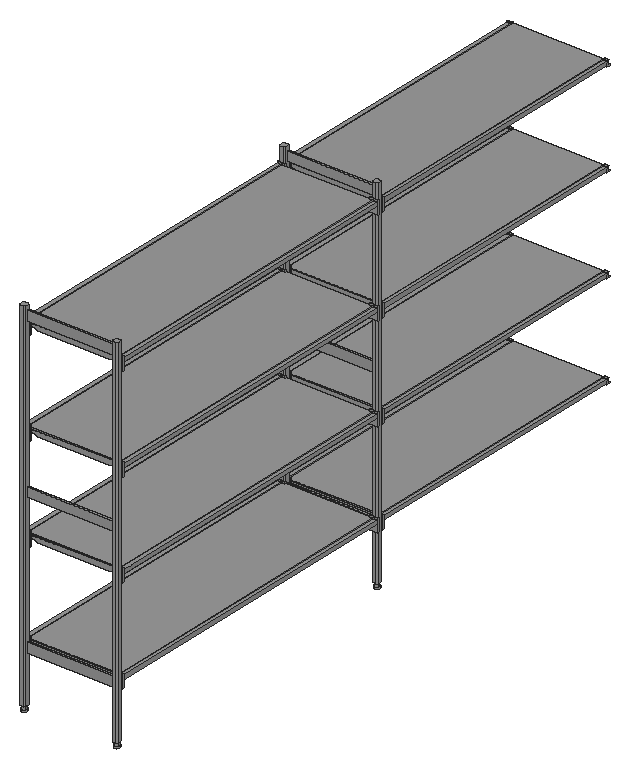
Revit family "QF_ELECTROLUXPROFESSIONAL_137089_CLS2903", category Attrezzature speciali, Revit 2020 (continued)
Definition of nested family "WT_Aggancio475"
  Dimensions and locks
    "Height": plane 5 "TOP" to level
    "Depth": plane 3 "BACK" to plane 4 "FRONT"
    "Dint": plane 7 to plane 8
    equal spacing: plane 7, plane 6 "Center (Front/Back)", plane 8
    equal spacing: plane 3 "BACK", plane 6 "Center (Front/Back)", plane 4 "FRONT"
    plane 9 "FEET" to level = 25.0 mm
    plane 5 "TOP" to plane 9 "FEET" = 1700.0 mm
    plane 10 to plane 9 "FEET" = 250.0 mm
    plane 11 to plane 10 = 450.0 mm
    plane 12 to plane 11 = 450.0 mm
    plane 13 to plane 12 = 450.0 mm
    locked: plane 3 "BACK" to plane 15 "CYBack" at 17.5
    locked: plane 16 "CYFront" to plane 4 "FRONT" at 17.5
    aligned and locked: level to plane 1
    aligned and locked: Extrusion 1 sketch curve to Extrusion 1 sketch curve  (x3)
  Automatic sketch dimensions
    plane 16 "CYFront" to Extrusion 1 sketch curve = 1.478 mm  (x4)
    Extrusion 1 sketch curve to Extrusion 1 sketch curve = 2.0 mm
    plane 8 to Extrusion 1 sketch curve = 3.478 mm  (x4)
    Extrusion 1 sketch curve to plane 10 = 4.006 mm
    Extrusion 1 sketch curve to Extrusion 1 sketch curve = 34.0 mm  (x4)
    Extrusion 1 sketch curve to plane 11 = 4.006 mm
    Extrusion 1 sketch curve to plane 12 = 4.006 mm
    Extrusion 1 sketch curve to plane 13 = 4.006 mm
    Extrusion 1 sketch curve to plane 7 = 37.522 mm  (x4)
    Extrusion 1 sketch curve to plane 7 = 3.522 mm  (x4)
    plane 14 to Extrusion 1 sketch curve = 3.516 mm  (x4)
    plane 14 to Extrusion 1 sketch curve = 1.522 mm  (x4)
    plane 10 to Extrusion 1 sketch curve = 7.998 mm  (x2)
    Extrusion 1 sketch curve to Extrusion 1 sketch curve = 11.498 mm  (x4)
    Extrusion 1 sketch curve to Extrusion 1 sketch curve = 6.499 mm  (x8)
    plane 11 to Extrusion 1 sketch curve = 7.998 mm  (x2)
    plane 12 to Extrusion 1 sketch curve = 7.998 mm  (x2)
    plane 13 to Extrusion 1 sketch curve = 7.998 mm  (x2)
    plane 2 "LEFT" to Extrusion 2 sketch curve = 0.0 mm  (x4)
    plane 13 to Extrusion 2 sketch curve = 7.996 mm
    plane 11 to Extrusion 2 sketch curve = 7.996 mm
    Extrusion 2 sketch curve to Extrusion 2 sketch curve = 5.0 mm  (x4)
    plane 11 to Extrusion 2 sketch curve = 2.494 mm
    plane 10 to Extrusion 2 sketch curve = 28.996 mm
    Extrusion 2 sketch curve to Extrusion 2 sketch curve = 3.0 mm  (x4)
    plane 10 to Extrusion 2 sketch curve = 7.996 mm
    plane 10 to Extrusion 2 sketch curve = 2.494 mm
    Extrusion 2 sketch curve to Extrusion 2 sketch curve = 18.0 mm  (x3)
    plane 12 to Extrusion 2 sketch curve = 2.494 mm
    plane 12 to Extrusion 2 sketch curve = 7.996 mm
    plane 13 to Extrusion 2 sketch curve = 2.494 mm
    plane 2 "LEFT" to Extrusion 3 sketch curve = 0.0 mm  (x4)
    plane 13 to Extrusion 3 sketch curve = 7.996 mm
    plane 11 to Extrusion 3 sketch curve = 7.996 mm
    Extrusion 3 sketch curve to Extrusion 3 sketch curve = 5.0 mm  (x4)
    plane 11 to Extrusion 3 sketch curve = 2.494 mm
    plane 10 to Extrusion 3 sketch curve = 28.996 mm
    Extrusion 3 sketch curve to Extrusion 3 sketch curve = 3.0 mm  (x4)
    plane 10 to Extrusion 3 sketch curve = 7.996 mm
    plane 10 to Extrusion 3 sketch curve = 2.494 mm
    Extrusion 3 sketch curve to Extrusion 3 sketch curve = 18.0 mm  (x3)
    plane 12 to Extrusion 3 sketch curve = 2.494 mm
    plane 12 to Extrusion 3 sketch curve = 7.996 mm
    plane 13 to Extrusion 3 sketch curve = 2.494 mm
    plane 2 "LEFT" to curve 1 = 5.0 mm
    plane 2 "LEFT" to curve 7 = 5.0 mm
    curve 1 to plane 16 "CYFront" = 17.5 mm
    curve 3 to plane 8 = 12.522 mm
    plane 7 to curve 5 = 12.478 mm
    curve 7 to plane 14 = 17.5 mm
    curve 5 to curve 5 = 4.0 mm
    curve 1 to curve 4 = 4.0 mm
    Extrusion 2 sketch curve to Extrusion 2 sketch curve = 4.0 mm  (x4)
    Extrusion 2 sketch curve to Extrusion 2 sketch curve = 8.969 mm  (x4)
    Extrusion 3 sketch curve to Extrusion 3 sketch curve = 4.0 mm  (x4)
    Extrusion 3 sketch curve to Extrusion 3 sketch curve = 8.969 mm  (x4)
